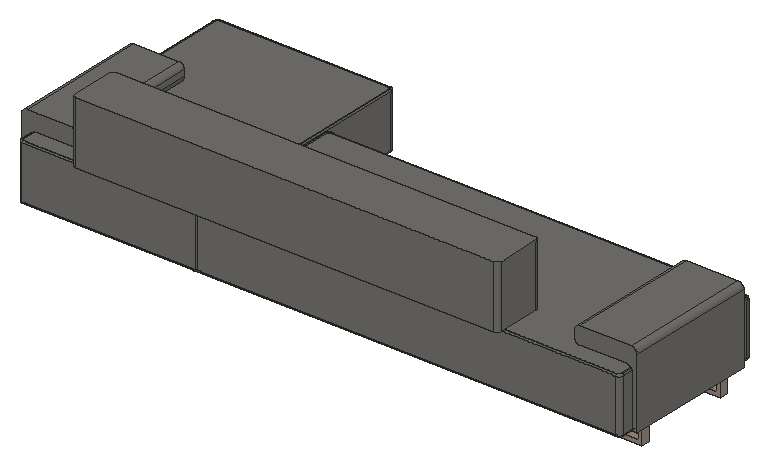
Revit family "Sofa básico grande - avanço lateral", category Furniture, Revit 2016
Family settings
  Work Plane-Based = No
  Always vertical = Yes
  Cut with Voids When Loaded = No
  Shared = No
  Room Calculation Point = No
Parameters (values of type "Sofa com avanço lateral")
  Manufacturer = ""
  Leg Material = Herman Miller - Veneer Z5 Maple
  Sofa Material [instance] = Leather - Tan
Reference planes (cm)
  plane 1 "Center (Front/Back)": y = 0
  plane 2: z = 0
  plane 3 "Center (Left/Right)": x = 0
  plane 4: y = 21
  plane 5: y = 81
  plane 6: y = 141
Forms (cm)
  Extrusion 1, solid, material "Leather - Tan" <- "Sofa Material"
    sketch origin (0, 0, 46) x (1, 0, 0) y (0, 1, 0)
      loop
        arc (-128.5218, 31.3341) -> (-130.2679, 30.6109) -> (-130.9911, 28.8648) r 2.4693
        line (-130.9911, 28.8648) -> (-130.9911, 2.4693)
        arc (-130.9911, 2.4693) -> (-130.2679, 0.7232) -> (-128.5218, 0) r 2.4693
        line (-128.5218, 0) -> (128.5218, 0)
        arc (128.5218, 0) -> (130.2679, 0.7232) -> (130.9911, 2.4693) r 2.4693
        line (130.9911, 2.4693) -> (130.9911, 28.8648)
        arc (130.9911, 28.8648) -> (130.2679, 30.6109) -> (128.5218, 31.3341) r 2.4693
        line (128.5218, 31.3341) -> (-128.5218, 31.3341)
    from 0 to 38.5
  Extrusion 2, solid, material "Leather - Tan" <- "Sofa Material"
    sketch origin (0, 0, 11.5) x (1, 0, 0) y (0, 1, 0)
      loop
        line (-59.1622, 5.0432) -> (-59.1622, 154.2014)
        arc (-59.1622, 154.2014) -> (-59.5925, 155.2404) -> (-60.6315, 155.6708) r 1.4693
        line (-60.6315, 155.6708) -> (-164.9364, 155.6708)
        arc (-164.9364, 155.6708) -> (-165.9754, 155.2404) -> (-166.4057, 154.2014) r 1.4693
        line (-166.4057, 154.2014) -> (-166.4057, 6.5125)
        arc (-166.4057, 6.5125) -> (-165.9754, 5.4735) -> (-164.9364, 5.0432) r 1.4693
        line (-164.9364, 5.0432) -> (-59.1622, 5.0432)
      loop
        line (-56.1505, 5.0432) -> (200.3394, 5.0432)
        arc (200.3394, 5.0432) -> (201.3784, 5.4735) -> (201.8088, 6.5125) r 1.4693
        line (201.8088, 6.5125) -> (201.8088, 101.6409)
        arc (201.8088, 101.6409) -> (201.3784, 102.6799) -> (200.3394, 103.1103) r 1.4693
        line (200.3394, 103.1103) -> (-54.6812, 103.1103)
        arc (-54.6812, 103.1103) -> (-55.7202, 102.6799) -> (-56.1505, 101.6409) r 1.4693
        line (-56.1505, 101.6409) -> (-56.1505, 5.0432)
    from 0 to 34.5
  Extrusion 3, solid, material "Leather - Tan" <- "Sofa Material"
    sketch origin (0, 0, 0) x (1, 0, 0) y (0, 0, 1)
      loop
        line (-172.467, 11.5916) -> (-167.4095, 11.5916) -> (-167.4095, 44.1718)
        arc (-167.4095, 44.1718) -> (-166.3863, 46.6421) -> (-163.9159, 47.6654) r 3.4935
        line (-163.9159, 47.6654) -> (-141.569, 47.6654)
        arc (-141.569, 47.6654) -> (-139.0987, 48.6886) -> (-138.0755, 51.1589) r 3.4935
        line (-138.0755, 51.1589) -> (-138.0755, 54.6448)
        arc (-138.0755, 54.6448) -> (-139.0987, 57.1151) -> (-141.569, 58.1384) r 3.4935
        line (-141.569, 58.1384) -> (-168.9735, 58.1384)
        arc (-168.9735, 58.1384) -> (-171.4438, 57.1151) -> (-172.467, 54.6448) r 3.4935
        line (-172.467, 54.6448) -> (-172.467, 11.5916)
      loop
        line (202.805, 11.5916) -> (205.8396, 11.5916) -> (205.8396, 54.6448)
        arc (205.8396, 54.6448) -> (204.8163, 57.1151) -> (202.346, 58.1384) r 3.4935
        line (202.346, 58.1384) -> (170.8955, 58.1384)
        arc (170.8955, 58.1384) -> (168.4252, 57.1151) -> (167.402, 54.6448) r 3.4935
        line (167.402, 54.6448) -> (167.402, 51.1589)
        arc (167.402, 51.1589) -> (168.4252, 48.6886) -> (170.8955, 47.6654) r 3.4935
        line (170.8955, 47.6654) -> (199.3115, 47.6654)
        arc (199.3115, 47.6654) -> (201.7818, 46.6421) -> (202.805, 44.1718) r 3.4935
        line (202.805, 44.1718) -> (202.805, 11.5916)
    from -95.0132 to -13.1401
  Sweep 4, solid, material "Leather - Tan" <- "Sofa Material"
    path origin (0, 0, 0) x (1, 0, 0) y (0, 1, 0)
      loop
        line (-60.6315, 155.6708) -> (-164.9364, 155.6708)
        arc (-164.9364, 155.6708) -> (-165.9754, 155.2404) -> (-166.4057, 154.2014) r 1.4693
        line (-166.4057, 154.2014) -> (-166.4057, 6.5125)
        arc (-166.4057, 6.5125) -> (-165.9754, 5.4735) -> (-164.9364, 5.0432) r 1.4693
        line (-164.9364, 5.0432) -> (-59.1622, 5.0432) -> (-59.1622, 154.2014)
        arc (-59.1622, 154.2014) -> (-59.5925, 155.2404) -> (-60.6315, 155.6708) r 1.4693
    profile origin (-112.784, 155.6708, 0) x (0, -1, 0) y (0, 0, 1)
      loop
        arc (0, 46) -> (-0.7071, 45.7071) -> (-1, 45) r 1
        line (-1, 45) -> (-1, 12.5)
        arc (-1, 12.5) -> (-0.7071, 11.7929) -> (0, 11.5) r 1
        line (0, 11.5) -> (0, 46)
  Sweep 5, solid, material "Leather - Tan" <- "Sofa Material"
    path origin (0, 0, 0) x (1, 0, 0) y (0, 1, 0)
      loop
        line (200.3394, 103.1103) -> (-54.6812, 103.1103)
        arc (-54.6812, 103.1103) -> (-55.7202, 102.6799) -> (-56.1505, 101.6409) r 1.4693
        line (-56.1505, 101.6409) -> (-56.1505, 5.0432) -> (200.3394, 5.0432)
        arc (200.3394, 5.0432) -> (201.3784, 5.4735) -> (201.8088, 6.5125) r 1.4693
        line (201.8088, 6.5125) -> (201.8088, 101.6409)
        arc (201.8088, 101.6409) -> (201.3784, 102.6799) -> (200.3394, 103.1103) r 1.4693
    profile origin (72.8291, 103.1103, 0) x (0, -1, 0) y (0, 0, 1)
      loop
        arc (0, 46) -> (-0.7071, 45.7071) -> (-1, 45) r 1
        line (-1, 45) -> (-1, 12.5)
        arc (-1, 12.5) -> (-0.7071, 11.7929) -> (0, 11.5) r 1
        line (0, 11.5) -> (0, 46)
  Extrusion 6, solid, material "Herman Miller - Veneer Z5 Maple" <- "Leg Material"
    sketch origin (0, 86, 0) x (1, 0, 0) y (0, 0, 1)
      loop
        line (-167.6433, 11.5916) -> (-167.6433, 0) -> (-158.2923, 0) -> (-158.2923, 2.314) -> (-165.3621, 2.314) -> (-165.3621, 11.5916) -> (-167.6433, 11.5916)
      loop
        line (-63.4698, 11.5916) -> (-63.4698, 2.314) -> (-70.5397, 2.314) -> (-70.5397, 0) -> (-61.1887, 0) -> (-61.1887, 11.5916) -> (-63.4698, 11.5916)
    from 0 to 5
  Extrusion 7, solid, material "Herman Miller - Veneer Z5 Maple" <- "Leg Material"
    sketch origin (0, 26, 0) x (1, 0, 0) y (0, 0, 1)
      loop
        line (-167.6433, 11.5916) -> (-167.6433, 0) -> (-158.2923, 0) -> (-158.2923, 2.314) -> (-165.3621, 2.314) -> (-165.3621, 11.5916) -> (-167.6433, 11.5916)
      loop
        line (-63.4698, 11.5916) -> (-63.4698, 2.314) -> (-70.5397, 2.314) -> (-70.5397, 0) -> (-61.1887, 0) -> (-61.1887, 11.5916) -> (-63.4698, 11.5916)
    from 0 to 5
  Extrusion 8, solid, material "Herman Miller - Veneer Z5 Maple" <- "Leg Material"
    sketch origin (0, 146, 0) x (1, 0, 0) y (0, 0, 1)
      loop
        line (-167.6433, 11.5916) -> (-167.6433, 0) -> (-158.2923, 0) -> (-158.2923, 2.314) -> (-165.3621, 2.314) -> (-165.3621, 11.5916) -> (-167.6433, 11.5916)
      loop
        line (-63.4698, 11.5916) -> (-63.4698, 2.314) -> (-70.5397, 2.314) -> (-70.5397, 0) -> (-61.1887, 0) -> (-61.1887, 11.5916) -> (-63.4698, 11.5916)
    from 0 to 5
  Extrusion 9, solid, material "Herman Miller - Veneer Z5 Maple" <- "Leg Material"
    sketch origin (0, 26, 0) x (1, 0, 0) y (0, 0, 1)
      loop
        line (200.5239, 2.314) -> (167.402, 2.314) -> (167.402, 0) -> (202.805, 0) -> (202.805, 11.5916) -> (200.5239, 11.5916) -> (200.5239, 2.314)
    from 0 to 5
  Extrusion 10, solid, material "Herman Miller - Veneer Z5 Maple" <- "Leg Material"
    sketch origin (0, 86, 0) x (1, 0, 0) y (0, 0, 1)
      loop
        line (200.5239, 2.314) -> (167.402, 2.314) -> (167.402, 0) -> (202.805, 0) -> (202.805, 11.5916) -> (200.5239, 11.5916) -> (200.5239, 2.314)
    from 0 to 5
